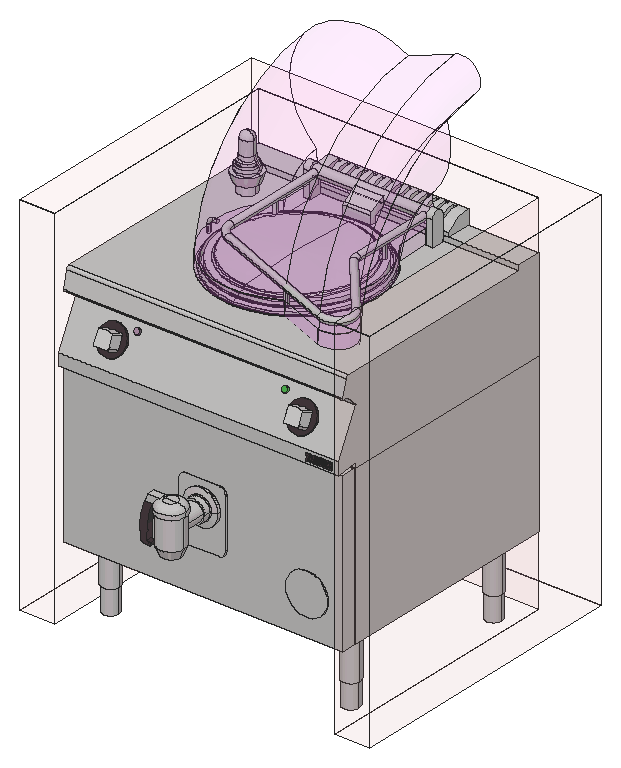
Revit family "QF_ZANUSSI_372271_Z7BSGHDNF0", category Attrezzature speciali, Revit 2020
Family settings
  Quota connettore circolare = Usa diametro
  Tipo di parte = Normale
  Basato su piano di lavoro = No
  Sempre verticale = Sì
  Taglio con vuoti quando caricato = No
  Condiviso = Sì
  Punto di calcolo locali = No
Parameters (values of type "Standard")
  Weight = 209.439 lbm
  Watts = 100 W
  Volts = 230 V
  URL Manufacturer = "http://www.zanussiprofessional.com"
  URL = "http://www.zanussiprofessional.com"
  Steam Supply Size = 0"
  Steam Supply Minimum Pressure = 0.00 psi
  Steam Supply Maximum Pressure = 0.00 psi
  Steam Consumption per Hour = 0
  Show Logo [instance] = yes
  Show Clearance [instance] = yes
  Refrigeration Suction Line Size = 0 mm
  Refrigeration Liquid Line Size = 0 mm
  Refrigerant Compressor Remote = yes
  Prospetto di default = 0 mm
  Produttore = "Zanussi"
  Phase = 1
  Modello = "Z7BSGHDNF0"
  Length Actual = 800 mm  # constant formula
  Item Number = "372271"
  Hot Water Size = 3/4"
  Height Actual = 850 mm  # constant formula
  HP = "0.1 HP"
  Gas Size = 1/2"
  Gas KW = 14
  Gas Input Pressure = 0.462818 Btu/h
  Direct Waste Size = 5 1/2"
  Descrizione = "60 LT GAS DIRECT BOILING PAN"
  Depth Actual = 700 mm  # constant formula
  Cycle = 50 Hz
  Condensate Return Size = 0"
  Compressed Air Volume = 0 GPM
  Compressed Air Size = 0"
  Compressed Air Pressure = 0.00 psi
  Cold Water Size = 3/4"
  Accessory = yes
Reference planes
  plane 1 "BACK": y = 0
  plane 2: z = 0
  plane 3 "LEFT": x = 0
  plane 4 "RIGHT": x = 800
  plane 5 "FRONT": y = -730
  plane 6: z = 850
  plane 7: z = 150
  plane 8: x = -100
  plane 9: x = 900
  plane 10: y = 100
  plane 11: z = 449
  plane 12 "Top": z = 850
  plane 13: y = -365
  plane 14: x = 400
  plane 15: x = 500
  plane 16: z = 995.049
  plane 17: z = 890.905
Forms (mm)
  Extrusion 1, solid, material "QF_Finishes_Clearance", visible <- "Show Clearance"
    sketch origin (0, -80, 0) x (1, 0, 0) y (0, 1, 0)
      loop
        line (-100, -650) -> (0, -650) -> (0, 80) -> (800, 80) -> (800, -650) -> (900, -650) -> (900, 180) -> (-100, 180) -> (-100, -650)
    from 0 to 1055
  Revolve 2, solid, material "QF_Finishes_Door Clearance", visible <- "Show Clearance"
    sketch origin (-999.388, 37.227, 890.905) x (1, 0, 0) y (0, 1, 0)
      loop
        line (1214.388, -112.413) -> (1214.388, -147.2) -> (1233.629, -147.2) -> (1233.629, -242.213)
        arc (1233.629, -242.213) -> (1220.256, -547.115) -> (1521.217, -597.774) r 230.392
        line (1521.217, -597.774) -> (1659.542, -652.393)
        arc (1659.542, -652.393) -> (1719.84, -634.715) -> (1717.523, -571.922) r 51.161
        line (1717.523, -571.922) -> (1623.189, -459.5)
        arc (1623.189, -459.5) -> (1622.299, -343.659) -> (1565.146, -242.895) r 230.392
        line (1565.146, -242.895) -> (1565.146, -147.2) -> (1584.388, -147.2) -> (1584.388, -112.413) -> (1214.388, -112.413)
      axis (1214.388, -112.413) -> (1717.523, -112.413)
    angle from 0 to -85
  Extrusion 3, solid, material "QF_Finishes_Door Clearance", visible <- "Show Clearance"
    sketch origin (0, 42.589, 145) x (1, 0, 0) y (0, 1, 0)
      loop
        line (215, -117.774) -> (215, -152.562) -> (234.241, -152.562) -> (234.241, -247.575)
        arc (234.241, -247.575) -> (220.868, -552.476) -> (521.828, -603.136) r 230.392
        line (521.828, -603.136) -> (660.154, -657.755)
        arc (660.154, -657.755) -> (720.452, -640.077) -> (718.135, -577.284) r 51.161
        line (718.135, -577.284) -> (623.801, -464.862)
        arc (623.801, -464.862) -> (622.911, -349.021) -> (565.758, -248.256) r 230.392
        line (565.758, -248.256) -> (565.758, -152.562) -> (585, -152.562) -> (585, -117.774) -> (215, -117.774)
    from 755 to 795.905
  Extrusion 4, solid, material "QF_Finishes_Stainless Steel"
    sketch origin (28.192, 0, 82.666) x (1, 0, 0) y (0, 0, 1)
      loop
        circle (241.361, 238.63) r 30
    from 699.69 to 700.841
  Extrusion 5, solid, material "QF_Finishes_Stainless Steel"
    sketch origin (455.707, 0, 73.11) x (1, 0, 0) y (0, 0, 1)
      loop
        circle (241.361, 238.63) r 60
    from 699.69 to 700.841
  Extrusion 6, solid, material "QF_Finishes_Stainless Steel"
    sketch origin (0, 0, 50) x (0, 1, 0) y (0, 0, 1)
      loop
        line (0, 601) -> (0, 865) -> (-70, 865) -> (-70, 850) -> (-679.358, 850)
        arc (-679.358, 850) -> (-684.643, 847.811) -> (-686.833, 842.526) r 7.474
        line (-686.833, 842.526) -> (-699.884, 797.011)
        arc (-699.884, 797.011) -> (-699.396, 794.379) -> (-697, 793.184) r 3
        line (-697, 793.184) -> (-686.802, 793.184) -> (-654.982, 761.364) -> (-715, 641.508) -> (-715, 606.508) -> (-658.645, 614.428)
        arc (-658.645, 614.428) -> (-656.101, 613.674) -> (-655, 611.259) r 3.2
        line (-655, 611.259) -> (-655, 601) -> (0, 601)
    from 0 to 800
  Extrusion 7, solid, material "QF_Finishes_Stainless Steel"
    sketch origin (0, 0, 50) x (1, 0, 0) y (0, 1, 0)
      loop
        line (0, 0) -> (0, -655) -> (800, -655) -> (800, 0) -> (0, 0)
    from 150 to 600
  Extrusion 8, solid, material "QF_Finishes_Stainless Steel"
    sketch origin (0, -40, 50) x (0, 1, 0) y (0, 0, 1)
      loop
        line (-660, 601) -> (-660, 150) -> (-620, 150) -> (-620, 601) -> (-660, 601)
    from 0 to 800
  Extrusion 9, solid, material "QF_Finishes_Stainless Steel"
    sketch origin (-1055.159, 259.464, 194.383) x (1, 0, 0) y (0, 1, 0)
      loop
        circle (1102.159, -787.464) r 10
    from -9.383 to 5.617
  Extrusion 10, solid, material "QF_Finishes_Stainless Steel"
    sketch origin (-1055.159, 346.464, 194.383) x (1, 0, 0) y (0, 1, 0)
      loop
        circle (1102.159, -787.464) r 10
    from -9.383 to 5.617
  Extrusion 11, solid, material "QF_Finishes_Stainless Steel"
    sketch origin (-358.159, 333.464, 194.383) x (1, 0, 0) y (0, 1, 0)
      loop
        circle (1102.159, -787.464) r 10
    from -9.383 to 5.617
  Extrusion 12, solid, material "QF_Finishes_Stainless Steel"
    sketch origin (-375.159, 268.464, 194.383) x (1, 0, 0) y (0, 1, 0)
      loop
        circle (1102.159, -787.464) r 10
    from -9.383 to 5.617
Lines and regions (mm)
  reference lines
    curve 1: line (734, 0, 0) -> (754, 0, 0)
  model lines
    curve 2: line (0, -700, 200) -> (0, -660, 200)
Dimensions and locks
  plane 4 "RIGHT" to plane 3 "LEFT" = 800 mm
  plane 6 to level = 850 mm
  plane 3 "LEFT" to plane 4 "RIGHT" = 800 mm
  plane 5 "FRONT" to plane 1 "BACK" = 730 mm
  plane 8 to plane 3 "LEFT" = 100 mm
  plane 4 "RIGHT" to plane 9 = 100 mm
  plane 10 to plane 1 "BACK" = 100 mm
  equal spacing: plane 3 "LEFT", plane 14, plane 4 "RIGHT"
  equal spacing: plane 5 "FRONT", plane 13, plane 1 "BACK"
  plane 15 to plane 3 "LEFT" = 500 mm
  Extrusion 6 to level = 900 mm
  aligned and locked: level to plane 2
  aligned and locked: plane 5 "FRONT" to Extrusion 1  (x2)
  aligned and locked: Extrusion 1 to plane 4 "RIGHT"
  aligned and locked: plane 3 "LEFT" to Extrusion 1
  aligned and locked: plane 8 to Extrusion 1
  aligned and locked: plane 9 to Extrusion 1
  aligned and locked: plane 10 to Extrusion 1
  aligned and locked: plane 1 "BACK" to Extrusion 1
Automatic sketch dimensions
  curve 2 to plane 5 "FRONT" = 30 mm
  plane 7 to curve 2 = 50 mm
  curve 2 to curve 2 = 40 mm
  plane 5 "FRONT" to Extrusion 1 sketch curve = 0 mm  (x2)
  Extrusion 1 sketch curve to plane 8 = 0 mm
  Extrusion 1 sketch curve to plane 3 "LEFT" = 0 mm
  plane 1 "BACK" to Extrusion 1 sketch curve = 0 mm
  Extrusion 1 sketch curve to plane 4 "RIGHT" = 0 mm
  Extrusion 1 sketch curve to plane 9 = 0 mm
  Extrusion 1 sketch curve to plane 10 = 0 mm
  Revolve 2 sketch curve to plane 13 = 0 mm
  Revolve 2 sketch curve to plane 14 = 0 mm
  Revolve 2 sketch curve to plane 14 = 165.759 mm
  Revolve 2 sketch curve to Revolve 2 sketch curve = 19.241 mm
  plane 14 to Revolve 2 sketch curve = 0.37 mm
  Revolve 2 sketch curve to plane 15 = 21.828 mm
  Revolve 2 sketch curve to plane 15 = 65.758 mm
  Revolve 2 sketch curve to Revolve 2 sketch curve = 19.242 mm
  Revolve 2 sketch curve to plane 13 = 57.273 mm
  Revolve 2 sketch curve to plane 15 = 123.801 mm
  Revolve 2 sketch curve to plane 4 "RIGHT" = 139.846 mm
  Revolve 2 sketch curve to Revolve 2 sketch curve = 18.79 mm
  Revolve 2 sketch curve to Revolve 2 sketch curve = 39.191 mm
  Revolve 2 sketch curve to Revolve 2 sketch curve = 112.422 mm
  Revolve 2 sketch curve to plane 5 "FRONT" = 169.453 mm
  Revolve 2 sketch curve to Revolve 2 sketch curve = 32.885 mm
  Revolve 2 sketch curve to plane 13 = 1.065 mm
  Revolve 2 sketch curve to Revolve 2 sketch curve = 95.694 mm
  Revolve 2 sketch curve to Revolve 2 sketch curve = 95.013 mm
  Revolve 2 sketch curve to Revolve 2 sketch curve = 34.788 mm  (x2)
  Revolve 2 sketch curve to Revolve 2 sketch curve = 63.573 mm
  plane 15 to Revolve 2 sketch curve = 32.187 mm
  plane 1 "BACK" to curve 1 = 0 mm
  curve 1 to plane 4 "RIGHT" = 66 mm
  curve 1 to curve 1 = 20 mm
  Extrusion 3 sketch curve to plane 13 = 0 mm
  Extrusion 3 sketch curve to plane 14 = 0 mm
  Extrusion 3 sketch curve to plane 14 = 165.759 mm
  Extrusion 3 sketch curve to Extrusion 3 sketch curve = 19.241 mm
  plane 14 to Extrusion 3 sketch curve = 0.37 mm
  Extrusion 3 sketch curve to plane 15 = 21.828 mm
  Extrusion 3 sketch curve to plane 15 = 65.758 mm
  Extrusion 3 sketch curve to Extrusion 3 sketch curve = 19.242 mm
  Extrusion 3 sketch curve to plane 13 = 57.273 mm
  Extrusion 3 sketch curve to plane 15 = 123.801 mm
  Extrusion 3 sketch curve to plane 4 "RIGHT" = 139.846 mm
  Extrusion 3 sketch curve to Extrusion 3 sketch curve = 18.79 mm
  Extrusion 3 sketch curve to Extrusion 3 sketch curve = 39.191 mm
  Extrusion 3 sketch curve to Extrusion 3 sketch curve = 112.422 mm
  Extrusion 3 sketch curve to plane 5 "FRONT" = 169.453 mm
  Extrusion 3 sketch curve to Extrusion 3 sketch curve = 32.885 mm
  Extrusion 3 sketch curve to plane 13 = 1.065 mm
  Extrusion 3 sketch curve to Extrusion 3 sketch curve = 95.694 mm
  Extrusion 3 sketch curve to Extrusion 3 sketch curve = 95.013 mm
  Extrusion 3 sketch curve to Extrusion 3 sketch curve = 34.788 mm
  Extrusion 4 sketch curve to plane 14 = 130.446 mm
  plane 11 to Extrusion 4 sketch curve = 127.704 mm
  Extrusion 5 sketch curve to plane 4 "RIGHT" = 102.932 mm
  plane 11 to Extrusion 5 sketch curve = 137.26 mm
  Extrusion 6 sketch curve to plane 1 "BACK" = 0 mm
  plane 17 to Extrusion 6 sketch curve = 24.095 mm
  plane 1 "BACK" to Extrusion 6 sketch curve = 70 mm
  Extrusion 6 sketch curve to plane 5 "FRONT" = 75.018 mm
  Extrusion 6 sketch curve to plane 5 "FRONT" = 75 mm
  Extrusion 6 sketch curve to Extrusion 6 sketch curve = 3.2 mm
  Extrusion 6 sketch curve to Extrusion 6 sketch curve = 0.445 mm
  plane 17 to Extrusion 6 sketch curve = 1.621 mm
  Extrusion 6 sketch curve to plane 5 "FRONT" = 50.642 mm
  Extrusion 6 sketch curve to plane 6 = 6.816 mm
  Extrusion 6 sketch curve to plane 5 "FRONT" = 43.198 mm
  Extrusion 6 sketch curve to Extrusion 6 sketch curve = 7.474 mm
  Extrusion 6 sketch curve to plane 6 = 3.816 mm
  Extrusion 6 sketch curve to Extrusion 6 sketch curve = 10.198 mm
  Extrusion 6 sketch curve to plane 6 = 2.989 mm
  Extrusion 6 sketch curve to plane 5 "FRONT" = 15 mm
  Extrusion 6 sketch curve to plane 6 = 38.636 mm
  Extrusion 6 sketch curve to Extrusion 6 sketch curve = 119.856 mm
  Extrusion 6 sketch curve to Extrusion 6 sketch curve = 27.08 mm
  Extrusion 6 sketch curve to Extrusion 6 sketch curve = 35 mm
  Extrusion 6 sketch curve to Extrusion 6 sketch curve = 10.259 mm
  Extrusion 7 sketch curve to plane 3 "LEFT" = 0 mm
  Extrusion 7 sketch curve to plane 4 "RIGHT" = 0 mm
  plane 1 "BACK" to Extrusion 7 sketch curve = 0 mm
  Extrusion 7 sketch curve to plane 5 "FRONT" = 75 mm
  Extrusion 8 sketch curve to plane 5 "FRONT" = 30 mm
  Extrusion 8 sketch curve to Extrusion 8 sketch curve = 40 mm
  plane 7 to Extrusion 8 sketch curve = 50 mm
  Extrusion 8 sketch curve to plane 6 = 199 mm
  plane 3 "LEFT" to Extrusion 9 sketch curve = 47 mm
  Extrusion 9 sketch curve to plane 13 = 163 mm
  plane 3 "LEFT" to Extrusion 10 sketch curve = 47 mm
  Extrusion 10 sketch curve to plane 13 = 76 mm
  Extrusion 11 sketch curve to plane 4 "RIGHT" = 56 mm
  Extrusion 11 sketch curve to plane 13 = 89 mm
  Extrusion 12 sketch curve to plane 4 "RIGHT" = 73 mm
  Extrusion 12 sketch curve to plane 13 = 154 mm
  radius of Extrusion 4 sketch curve = 30 mm
  radius of Extrusion 5 sketch curve = 60 mm
  radius of Extrusion 9 sketch curve = 10 mm
  radius of Extrusion 10 sketch curve = 10 mm
  radius of Extrusion 11 sketch curve = 10 mm
  radius of Extrusion 12 sketch curve = 10 mm
Nested families
  nested 1: "CHIUSURA_EBOLLITORE_MANIGLIA_420" at (400, -364.434, 900), type "CHIUSURA_EBOLLITORE_MANIGLIA_420"
  nested 2: "Valvola_Sicurezza_Pressione_VERSIONE LARGA" at (99.001, -165.726, 900) x (0, -1, 0) z (0, 0, 1), type "Valvola_Sicurezza_Pressione_VERSIONE LARGA"
  nested 3: "Uscita_Fumi" at (400, -34.925, 915), type "Uscita_Fumi"
  nested 4: "CONTROLLER_XP-ZAN" at (178.223, -683.163, 755.086) x (1, 0, 0) z (0, -0.8942, 0.4478), type "CONTROLLER_XP-ZAN"
  nested 5: "CONTROLLER_XP-ZAN" at (723.911, -685.675, 750.07) x (1, 0, 0) z (0, -0.8942, 0.4478), type "CONTROLLER_XP-ZAN"
  nested 6: "SPIA_RED" at (188.474, -668.991, 791.498) x (1, 0, 0) z (0, -0.9021, 0.4315), type "SPIA_RED"
  nested 7: "SPIA_GREEN" at (611.526, -668.991, 791.498) x (-1, 0, 0) z (0, -0.9021, 0.4315), type "SPIA_GREEN"
  nested 8: "ZANUSSI_Logo" at (748.892, -715, 722.809) x (1, 0, 0) z (0, -1, 0), Show Logo <- "Show Logo", visible <- "Show Logo", type "ZANUSSI_Logo"
    with Show Logo yes
  nested 9: "bocchettone_scarico_SX_ebollitori" at (400, -699.69, 411.296) x (1, 0, 0) z (0, -1, 0), type "bocchettone_scarico_SX_ebollitori"
    with Body Finish QF_Finishes_Stainless Steel
  nested 10: "Piedino 50xH200_par" at (56, -601, 0), type "Piedino 50xH200_par"
    with H 200 mm
  nested 11: "Piedino 50xH200_par" at (56, -91, 0), type "Piedino 50xH200_par"
    with H 200 mm
  nested 12: "Piedino 50xH200_par" at (744, -91, 0), type "Piedino 50xH200_par"
    with H 200 mm
  nested 13: "Piedino 50xH200_par" at (744, -601, 0), type "Piedino 50xH200_par"
    with H 200 mm
Connectors
  piping at (744, -454, 185), diameter 12.7, driven by "Gas Size"
    settings: on Extrusion 11, index 7, connector inside diameter 24", connector length 0 mm, flow factor 0, pipe flow 0 GPM, pressure drop 0.00 psi, fitting loss kfactor 0, connector angle 0.00°, fixture units 0, engagement length 0 mm, angle of deflection 0.00°, flow configuration 0, flow direction 0, fitting loss method 0, system type 29, joint type 0, gender type 0, connector reference index -1, connector utility 0, adjustable connector no, is connector primary yes, connector description "Gas Connection"
  electrical at (727, -519, 185), driven by "Volts"
    settings: on Extrusion 12, index 8, voltage 230 V, apparent load 0 VA, apparent load phase1 0 VA, apparent load phase2 0 VA, apparent load phase3 0 VA, power factor 1, load classification "Altro", number of poles 1, system type 30, power factor state 1, is connector primary yes, connector utility no, sub classification motor no, connector description "Electrical Connection"
  piping at (47, -528, 185), diameter 19.05, driven by "Cold Water Size"
    settings: on Extrusion 9, index 9, connector inside diameter 24", connector length 0 mm, flow factor 0, pipe flow 0 GPM, pressure drop 0.00 psi, fitting loss kfactor 0, connector angle 0.00°, fixture units 0, engagement length 0 mm, angle of deflection 0.00°, flow configuration 0, flow direction 0, fitting loss method 0, system type 29, joint type 0, gender type 0, connector reference index -1, connector utility 0, adjustable connector no, is connector primary no, connector description "Cold Water Inlet"
  piping at (47, -441, 185), diameter 19.05, driven by "Hot Water Size"
    settings: on Extrusion 10, index 10, connector inside diameter 24", connector length 0 mm, flow factor 0, pipe flow 0 GPM, pressure drop 0.00 psi, fitting loss kfactor 0, connector angle 0.00°, fixture units 0, engagement length 0 mm, angle of deflection 0.00°, flow configuration 0, flow direction 0, fitting loss method 0, system type 29, joint type 0, gender type 0, connector reference index -1, connector utility 0, adjustable connector no, is connector primary no, connector description "Hot Water Inlet"
Definition of nested family "CHIUSURA_EBOLLITORE_MANIGLIA_420"
  Parameters (values of type "CHIUSURA_EBOLLITORE_MANIGLIA_420")
    Default Elevation = 1219.2 mm
  Reference planes
    plane 1 "Centro (Fronte/Retro)": y = 0
    plane 2: z = 0
    plane 3 "Centro (Sinistra/Destra)": x = 0
  Forms (mm)
    Extrusion 1, solid
      sketch origin (0, 0, 0) x (1, 0, 0) y (0, 1, 0)
        loop
          line (-1219.2, 1219.2) -> (-1219.2, -1219.2) -> (1219.2, -1219.2) -> (1219.2, 1219.2) -> (-1219.2, 1219.2)
      from 0 to -304.8
    Sweep 2, solid
      path origin (-400, 374.738, -849.313) x (1, 0, 0) y (0, 1, 0)
        loop
          line (243.743, -103.594) -> (243.743, -417.5)
          arc (243.743, -417.5) -> (252.432, -445.667) -> (275.478, -464.045) r 50
          line (275.478, -464.045) -> (663.94, -616.483)
          arc (663.94, -616.483) -> (712.787, -602.077) -> (710.882, -551.185) r 41.493
          line (710.882, -551.185) -> (563.79, -375.888)
          arc (563.79, -375.888) -> (558.199, -366.203) -> (556.257, -355.19) r 32.201
          line (556.257, -355.19) -> (556.257, -103.594)
      profile origin (-156.257, 114.191, -849.313) x (1, 0, 0) y (0, 0, 1)
        loop
          circle (0, 918.759) r 9.525
    Revolve 3, solid
      sketch origin (0, 355.988, -849.313) x (0, 1, 0) y (0, 0, 1)
        loop
          line (-355.988, 849.313) -> (-355.988, 890.138)
          arc (-355.988, 890.138) -> (-448.202, 888.071) -> (-540.231, 881.875) r 2058.307
          arc (-540.231, 881.875) -> (-541.6, 881.506) -> (-542.761, 880.692) r 4.095
          line (-542.761, 880.692) -> (-546.613, 876.84) -> (-546.613, 873.469) -> (-564.694, 873.469) -> (-564.694, 853.437) -> (-572.776, 853.437) -> (-572.776, 867.549) -> (-576.075, 867.549) -> (-576.075, 865.745) -> (-580.988, 857.235) -> (-580.988, 851.51) -> (-585.988, 851.51) -> (-585.988, 849.313) -> (-355.988, 849.313)
        axis (-355.988, 849.313) -> (-355.988, 890.138)
      angle from 0 to 360
    Extrusion 4, solid
      sketch origin (-400, 374.738, -849.313) x (1, 0, 0) y (0, 1, 0)
        loop
          circle (516.64, -559.183) r 5
        loop
          circle (611.532, -432.835) r 5
        loop
          circle (556.239, -256.89) r 5
        loop
          circle (243.739, -256.89) r 5
      from 873.469 to 917.509
    Extrusion 5, solid
      sketch origin (-400, 375.449, -857.666) x (0, 1, 0) y (0, 0, 1)
        loop
          circle (-103.594, 927.13) r 15
      from 215 to 585
    Extrusion 6, solid
      sketch origin (-400, 376.074, -857.666) x (0, 1, 0) y (0, 0, 1)
        loop
          line (-161.825, 881.823) -> (-147.722, 881.823) -> (-147.722, 896.159)
          arc (-147.722, 896.159) -> (-146.818, 899.027) -> (-144.432, 900.857) r 5
          line (-144.432, 900.857) -> (-110.128, 913.343)
          arc (-110.128, 913.343) -> (-118.811, 923.657) -> (-115.705, 936.776) r 15
          line (-115.705, 936.776) -> (-157.703, 913.496)
          arc (-157.703, 913.496) -> (-160.718, 910.56) -> (-161.825, 906.499) r 8
          line (-161.825, 906.499) -> (-161.825, 881.823)
      from 361.051 to 438.949
    Extrusion 7, solid
      sketch origin (326.071, 375.449, -856.416) x (0, 1, 0) y (0, 0, -1)
        loop
          line (-86.2, -856.416) -> (-120.988, -856.416) -> (-120.988, -927.861)
          arc (-120.988, -927.861) -> (-103.594, -945.255) -> (-86.2, -927.861) r 17.394
          line (-86.2, -927.861) -> (-86.2, -856.416)
      from 492.722 to 511.071
    Sweep 8, solid
      path origin (25, 0, 0) x (1, 0, 0) y (0, 0, 1)
        loop
          line (-276.49, 0) -> (-276.49, 22.015)
          arc (-276.49, 22.015) -> (-272.687, 31.197) -> (-263.505, 35) r 12.985
          line (-263.505, 35) -> (-251.49, 35)
      profile origin (-251.49, 0, 11.007) x (-1, 0, 0) y (0, -1, 0)
        loop
          circle (0, 0) r 4
    Sweep 9, void
      path origin (25, 0.021, -0.007) x (1, 0, 0) y (0, 0, 1)
        loop
          line (-276.49, 0) -> (-276.49, 22.015)
          arc (-276.49, 22.015) -> (-272.687, 31.197) -> (-263.505, 35) r 12.985
          line (-263.505, 35) -> (-251.49, 35)
      profile origin (-251.49, 0.021, 11) x (-1, 0, 0) y (0, -1, 0)
        loop
          circle (0, 0) r 3
    Extrusion 10, solid
      sketch origin (-326.071, 375.449, -856.416) x (0, 1, 0) y (0, 0, 1)
        loop
          line (-86.2, 856.416) -> (-86.2, 927.861)
          arc (-86.2, 927.861) -> (-103.594, 945.255) -> (-120.988, 927.861) r 17.394
          line (-120.988, 927.861) -> (-120.988, 856.416) -> (-86.2, 856.416)
      from 492.722 to 511.071
  Cuts and joins
    Sweep 9 cuts Sweep 8
    joined: Sweep 2, Extrusion 5, Extrusion 7, Extrusion 10
  Dimensions and locks
    aligned and locked: plane 2 to Extrusion 1
    aligned and locked: level to Extrusion 1
Definition of nested family "Valvola_Sicurezza_Pressione_VERSIONE LARGA"
  Parameters (values of type "Valvola_Sicurezza_Pressione_VERSIONE LARGA")
    Default Elevation = 1219.2 mm
  Reference planes
    plane 1 "Centro (Fronte/Retro)": y = 0
    plane 2: z = 0
    plane 3 "Centro (Sinistra/Destra)": x = 0
  Forms (mm)
    Extrusion 1, solid
      sketch origin (0, 0, 0) x (1, 0, 0) y (0, 1, 0)
        loop
          line (-1219.2, 1219.2) -> (-1219.2, -1219.2) -> (1219.2, -1219.2) -> (1219.2, 1219.2) -> (-1219.2, 1219.2)
      from 0 to -304.8
    Revolve 2, solid
      sketch origin (0, 127, -850) x (0, 1, 0) y (0, 0, 1)
        loop
          line (-127, 850) -> (-127, 1005.049)
          arc (-127, 1005.049) -> (-139.857, 999.724) -> (-145.183, 986.867) r 18.183
          line (-145.183, 986.867) -> (-145.183, 946.198) -> (-147.515, 946.198) -> (-147.515, 935.501) -> (-152, 931.015) -> (-152, 924.56) -> (-157, 924.56) -> (-157, 919.56) -> (-160.008, 919.56) -> (-160.008, 911.432) -> (-157, 911.432) -> (-157, 902.923) -> (-168.345, 902.923) -> (-160.305, 877.208) -> (-152, 875.138) -> (-152, 850) -> (-127, 850)
        axis (-127, 850) -> (-127, 1005.049)
      angle from 0 to 360
  Dimensions and locks
    aligned and locked: plane 2 to Extrusion 1
    aligned and locked: level to Extrusion 1
Definition of nested family "Uscita_Fumi"
  Parameters (values of type "Uscita_Fumi")
    Default Elevation = 1219.2 mm
  Reference planes
    plane 1 "Centro (Fronte/Retro)": y = 0
    plane 2: z = 0
    plane 3 "Centro (Sinistra/Destra)": x = 0
  Forms (mm)
    Extrusion 1, solid
      sketch origin (0, 0, 0) x (1, 0, 0) y (0, 1, 0)
        loop
          line (-1219.2, 1219.2) -> (-1219.2, -1219.2) -> (1219.2, -1219.2) -> (1219.2, 1219.2) -> (-1219.2, 1219.2)
      from 0 to -304.8
    Extrusion 2, solid
      sketch origin (-200, 34.925, -289.638) x (0, 1, 0) y (0, 0, 1)
        loop
          line (0, 289.638) -> (0, 331.738)
          arc (0, 331.738) -> (-38.857, 324.552) -> (-69.85, 300.038) r 82.056
          line (-69.85, 300.038) -> (-69.85, 289.638) -> (0, 289.638)
      from 0 to 400
    Extrusion 3, void
      sketch origin (-200, 34.925, -15) x (0, -1, 0) y (1, 0, 0)
        loop
          line (6.761, 29.703) -> (63.911, 29.703) -> (63.911, 38.999) -> (6.761, 38.999) -> (6.761, 29.703)
        loop
          line (63.911, 64.487) -> (6.761, 64.487) -> (6.761, 55.191) -> (63.911, 55.191) -> (63.911, 64.487)
        loop
          line (63.911, 89.975) -> (6.761, 89.975) -> (6.761, 80.68) -> (63.911, 80.68) -> (63.911, 89.975)
        loop
          line (63.911, 115.464) -> (6.761, 115.464) -> (6.761, 106.168) -> (63.911, 106.168) -> (63.911, 115.464)
        loop
          line (63.911, 140.952) -> (6.761, 140.952) -> (6.761, 131.656) -> (63.911, 131.656) -> (63.911, 140.952)
        loop
          line (63.911, 166.44) -> (6.761, 166.44) -> (6.761, 157.145) -> (63.911, 157.145) -> (63.911, 166.44)
        loop
          line (63.911, 191.929) -> (6.761, 191.929) -> (6.761, 182.633) -> (63.911, 182.633) -> (63.911, 191.929)
        loop
          line (63.911, 217.417) -> (6.761, 217.417) -> (6.761, 208.121) -> (63.911, 208.121) -> (63.911, 217.417)
        loop
          line (63.911, 242.905) -> (6.761, 242.905) -> (6.761, 233.61) -> (63.911, 233.61) -> (63.911, 242.905)
        loop
          line (63.911, 268.394) -> (6.761, 268.394) -> (6.761, 259.098) -> (63.911, 259.098) -> (63.911, 268.394)
        loop
          line (63.911, 293.882) -> (6.761, 293.882) -> (6.761, 284.586) -> (63.911, 284.586) -> (63.911, 293.882)
        loop
          line (63.911, 319.37) -> (6.761, 319.37) -> (6.761, 310.075) -> (63.911, 310.075) -> (63.911, 319.37)
        loop
          line (63.911, 344.859) -> (6.761, 344.859) -> (6.761, 335.563) -> (63.911, 335.563) -> (63.911, 344.859)
        loop
          line (63.911, 370.347) -> (6.761, 370.347) -> (6.761, 361.051) -> (63.911, 361.051) -> (63.911, 370.347)
      from 25.4 to 63.5
  Cuts and joins
    Extrusion 3 cuts Extrusion 2
  Dimensions and locks
    aligned and locked: plane 2 to Extrusion 1
    aligned and locked: level to Extrusion 1
Definition of nested family "CONTROLLER_XP-ZAN"
  Parameters (values of type "CONTROLLER_XP-ZAN")
    Default Elevation = 0 mm
  Reference planes
    plane 1 "Centro (Fronte/Retro)": y = 0
    plane 2: z = 0
    plane 3 "Centro (Sinistra/Destra)": x = 0
    plane 4: x = -51.067
    plane 5: x = 51.067
    plane 6: x = 93.481
    plane 7: x = -93.481
  Forms (mm)
    Extrusion 1, solid
      sketch origin (0, 0, 0) x (1, 0, 0) y (0, 1, 0)
        loop
          line (-1219.2, 1219.2) -> (-1219.2, -1219.2) -> (1219.2, -1219.2) -> (1219.2, 1219.2) -> (-1219.2, 1219.2)
      from 0 to -304.8
    Extrusion 2, solid
      sketch origin (-46.381, -48.923, 0) x (1, 0, 0) y (0, 1, 0)
        loop
          circle (-4.687, 48.923) r 42.414
      from 0 to 3.175
    Blend 3, solid
      base sketch origin (-46.381, -48.923, 3.175) x (1, 0, 0) y (0, 1, 0)
        loop
          line (-23.687, 25.923) -> (14.313, 25.923)
          arc (14.313, 25.923) -> (17.142, 27.095) -> (18.313, 29.923) r 4
          line (18.313, 29.923) -> (18.313, 66.519)
          arc (18.313, 66.519) -> (17.342, 69.132) -> (14.901, 70.476) r 4
          arc (14.901, 70.476) -> (-4.687, 71.923) -> (-24.275, 70.476) r 133.25
          arc (-24.275, 70.476) -> (-26.716, 69.132) -> (-27.687, 66.519) r 4
          line (-27.687, 66.519) -> (-27.687, 29.923)
          arc (-27.687, 29.923) -> (-26.515, 27.095) -> (-23.687, 25.923) r 4
      top sketch origin (-46.381, -48.923, 3.175) x (1, 0, 0) y (0, 1, 0)
        loop
          line (-25.687, 66.519) -> (-25.687, 29.923)
          arc (-25.687, 29.923) -> (-25.101, 28.509) -> (-23.687, 27.923) r 2
          line (-23.687, 27.923) -> (14.313, 27.923)
          arc (14.313, 27.923) -> (15.727, 28.509) -> (16.313, 29.923) r 2
          line (16.313, 29.923) -> (16.313, 66.519)
          arc (16.313, 66.519) -> (15.828, 67.825) -> (14.607, 68.498) r 2
          arc (14.607, 68.498) -> (-4.687, 69.923) -> (-23.981, 68.498) r 131.25
          arc (-23.981, 68.498) -> (-25.201, 67.825) -> (-25.687, 66.519) r 2
      from 0 to 33
  Lines and regions (mm)
    Split face 1
      outline origin (-46.381, -48.923, 36.175) x (1, 0, 0) y (0, 1, 0)
        loop
          line (-6.687, 69.908) -> (-6.687, 62.923) -> (-2.687, 62.923) -> (-2.687, 69.908)
  Dimensions and locks
    aligned and locked: plane 2 to Extrusion 1
    aligned and locked: level to Extrusion 1
Definition of nested family "SPIA_RED"
  Parameters
    Default Elevation = 1219.2 mm
  Reference planes
    plane 1 "Centro (Fronte/Retro)": y = 0
    plane 2: z = 0
    plane 3 "Centro (Sinistra/Destra)": x = 0
  Forms (mm)
    Extrusion 1, solid
      sketch origin (0, 0, 0) x (1, 0, 0) y (0, 1, 0)
        loop
          line (-1219.2, 1219.2) -> (-1219.2, -1219.2) -> (1219.2, -1219.2) -> (1219.2, 1219.2) -> (-1219.2, 1219.2)
      from 0 to -304.8
    Extrusion 2, solid
      sketch origin (-367.513, 69.533, 3.175) x (-1, 0, 0) y (0, 1, 0)
        loop
          circle (-367.513, -69.533) r 8
      from 0 to 3.175
  Dimensions and locks
    aligned and locked: plane 2 to Extrusion 1
    aligned and locked: level to Extrusion 1
Definition of nested family "SPIA_GREEN"
  Parameters
    Default Elevation = 1219.2 mm
  Reference planes
    plane 1 "Centro (Fronte/Retro)": y = 0
    plane 2: z = 0
    plane 3 "Centro (Sinistra/Destra)": x = 0
  Forms (mm)
    Extrusion 1, solid
      sketch origin (0, 0, 0) x (1, 0, 0) y (0, 1, 0)
        loop
          line (-1219.2, 1219.2) -> (-1219.2, -1219.2) -> (1219.2, -1219.2) -> (1219.2, 1219.2) -> (-1219.2, 1219.2)
      from 0 to -304.8
    Extrusion 2, solid
      sketch origin (-367.513, 69.533, 3.175) x (-1, 0, 0) y (0, 1, 0)
        loop
          circle (-367.513, -69.533) r 8
      from 0 to 3.175
  Dimensions and locks
    aligned and locked: plane 2 to Extrusion 1
    aligned and locked: level to Extrusion 1
Definition of nested family "ZANUSSI_Logo"
  Parameters (values of type "ZANUSSI_Logo")
    Show Logo [instance] = yes
    Default Elevation = 1219.2 mm
  Reference planes
    plane 1 "Center (Front/Back)": y = -49
    plane 2: z = 0
    plane 3 "Center (Left/Right)": x = -9.92
  Forms (mm)
    Extrusion 1, solid
      sketch origin (0, 0, 0) x (1, 0, 0) y (0, 1, 0)
        loop
          line (-1219.2, 1219.2) -> (-1219.2, -1219.2) -> (1219.2, -1219.2) -> (1219.2, 1219.2) -> (-1219.2, 1219.2)
      from 0 to -304.8
    Extrusion 2, solid, visible <- "Show Logo"
      sketch origin (106.353, -215.165, -50) x (1, 0, 0) y (0, 1, 0)
        loop
          line (-137.419, 156.48) -> (-137.419, 160.444) -> (-143.365, 160.444) -> (-137.419, 172.566) -> (-137.419, 175.851) -> (-147.274, 175.851) -> (-147.274, 172.226) -> (-142.063, 172.339) -> (-147.728, 160.444) -> (-147.728, 156.48) -> (-137.419, 156.48)
        loop
          line (-131.729, 163.73) -> (-129.463, 163.73) -> (-130.596, 172.54) -> (-131.729, 163.73)
        loop
          line (-132.748, 156.48) -> (-132.182, 160.218) -> (-128.897, 160.218) -> (-128.33, 156.48) -> (-124.252, 156.48) -> (-127.877, 175.851) -> (-133.315, 175.851) -> (-136.826, 156.48) -> (-132.748, 156.48)
        loop
          line (-123.75, 175.851) -> (-123.75, 156.48) -> (-120.238, 156.48) -> (-120.238, 169.281) -> (-116.953, 156.48) -> (-112.648, 156.48) -> (-112.648, 175.851) -> (-116.273, 175.851) -> (-116.273, 163.503) -> (-119.558, 175.851) -> (-123.75, 175.851)
        loop
          arc (-111.742, 161.27) -> (-106.896, 156.448) -> (-101.433, 160.558) r 5.22
          line (-101.433, 160.558) -> (-101.433, 175.851) -> (-105.398, 175.851) -> (-105.398, 161.464)
          arc (-105.398, 161.464) -> (-106.44, 160.263) -> (-107.777, 161.124) r 1.214
          line (-107.777, 161.124) -> (-107.777, 175.851) -> (-111.742, 175.851) -> (-111.742, 161.27)
        loop
          line (-94.069, 169.734) -> (-90.331, 169.734) -> (-90.269, 171.495)
          arc (-90.269, 171.495) -> (-90.53, 173.458) -> (-91.761, 175.009) r 3.719
          arc (-91.761, 175.009) -> (-95.38, 176.189) -> (-98.998, 175.009) r 6.139
          arc (-98.998, 175.009) -> (-100.474, 172.145) -> (-100.291, 168.927) r 6.125
          arc (-100.291, 168.927) -> (-99.079, 167.149) -> (-97.591, 165.594) r 13.068
          line (-97.591, 165.594) -> (-95.921, 164.113)
          arc (-95.921, 164.113) -> (-94.934, 163.275) -> (-94.167, 162.233) r 5.571
          arc (-94.167, 162.233) -> (-94.357, 160.41) -> (-96.143, 160.003) r 1.573
          arc (-96.143, 160.003) -> (-96.681, 160.547) -> (-96.911, 161.277) r 1.631
          arc (-96.911, 161.277) -> (-96.929, 161.791) -> (-96.911, 162.305) r 7.441
          arc (-96.911, 162.305) -> (-96.895, 162.791) -> (-96.911, 163.277) r 7.03
          line (-96.911, 163.277) -> (-100.866, 163.277)
          arc (-100.866, 163.277) -> (-100.828, 160.504) -> (-99.735, 157.955) r 7.131
          arc (-99.735, 157.955) -> (-94.571, 156.484) -> (-90.221, 159.633) r 6.148
          arc (-90.221, 159.633) -> (-90.141, 162.884) -> (-91.536, 165.823) r 7.021
          line (-91.536, 165.823) -> (-95.882, 169.734)
          arc (-95.882, 169.734) -> (-96.47, 170.472) -> (-96.785, 171.362) r 2.858
          arc (-96.785, 171.362) -> (-95.666, 172.959) -> (-94.069, 171.84) r 1.379
          line (-94.069, 171.84) -> (-94.069, 169.734)
        loop
          line (-82.771, 169.734) -> (-79.033, 169.734) -> (-78.971, 171.495)
          arc (-78.971, 171.495) -> (-79.232, 173.458) -> (-80.463, 175.009) r 3.719
          arc (-80.463, 175.009) -> (-84.081, 176.189) -> (-87.7, 175.009) r 6.139
          arc (-87.7, 175.009) -> (-89.175, 172.145) -> (-88.993, 168.927) r 6.125
          arc (-88.993, 168.927) -> (-87.781, 167.149) -> (-86.293, 165.594) r 13.068
          line (-86.293, 165.594) -> (-84.623, 164.113)
          arc (-84.623, 164.113) -> (-83.636, 163.275) -> (-82.869, 162.233) r 5.571
          arc (-82.869, 162.233) -> (-83.059, 160.41) -> (-84.845, 160.003) r 1.573
          arc (-84.845, 160.003) -> (-85.383, 160.547) -> (-85.613, 161.277) r 1.631
          arc (-85.613, 161.277) -> (-85.631, 161.791) -> (-85.613, 162.305) r 7.441
          arc (-85.613, 162.305) -> (-85.596, 162.791) -> (-85.613, 163.277) r 7.03
          line (-85.613, 163.277) -> (-89.568, 163.277)
          arc (-89.568, 163.277) -> (-89.53, 160.504) -> (-88.437, 157.955) r 7.131
          arc (-88.437, 157.955) -> (-83.272, 156.484) -> (-78.922, 159.633) r 6.148
          arc (-78.922, 159.633) -> (-78.843, 162.884) -> (-80.238, 165.823) r 7.021
          line (-80.238, 165.823) -> (-84.584, 169.734)
          arc (-84.584, 169.734) -> (-85.171, 170.472) -> (-85.486, 171.362) r 2.858
          arc (-85.486, 171.362) -> (-84.368, 172.959) -> (-82.771, 171.84) r 1.379
          line (-82.771, 171.84) -> (-82.771, 169.734)
        loop
          line (-78.21, 175.851) -> (-78.21, 156.48) -> (-74.245, 156.48) -> (-74.245, 175.851) -> (-78.21, 175.851)
      from 50 to 51.6
  Dimensions and locks
    aligned and locked: plane 2 to Extrusion 1
    aligned and locked: level to Extrusion 1
Definition of nested family "bocchettone_scarico_SX_ebollitori"
  Parameters
    Default Elevation = 1219.2 mm
    Body Finish [instance] = none
  Reference planes
    plane 1 "Centro (Fronte/Retro)": y = 0
    plane 2: z = 0
    plane 3 "Centro (Sinistra/Destra)": x = 0
  Forms (mm)
    Extrusion 1, solid
      sketch origin (0, 0, 0) x (1, 0, 0) y (0, 1, 0)
        loop
          line (-1219.2, 1219.2) -> (-1219.2, -1219.2) -> (1219.2, -1219.2) -> (1219.2, 1219.2) -> (-1219.2, 1219.2)
      from 0 to -304.8
    Extrusion 2, solid
      sketch origin (-400, 240.774, 0) x (0, 1, 0) y (-1, 0, 0)
        loop
          arc (-150.774, -353.125) -> (-156.632, -338.983) -> (-170.774, -333.125) r 20
          line (-170.774, -333.125) -> (-310.774, -333.125)
          arc (-310.774, -333.125) -> (-324.916, -338.983) -> (-330.774, -353.125) r 20
          line (-330.774, -353.125) -> (-330.774, -446.875)
          arc (-330.774, -446.875) -> (-324.916, -461.017) -> (-310.774, -466.875) r 20
          line (-310.774, -466.875) -> (-170.774, -466.875)
          arc (-170.774, -466.875) -> (-156.632, -461.017) -> (-150.774, -446.875) r 20
          line (-150.774, -446.875) -> (-150.774, -353.125)
      from 0 to 3.2
    Revolve 3, solid, material <- "Body Finish"
      sketch origin (-350, 21.922, -772.589) x (1, 0, 0) y (0, 0, -1)
        loop
          line (350, -775.828) -> (350, -864.845) -> (377.31, -864.845) -> (377.31, -807.326) -> (381.52, -807.326) -> (381.52, -788.802) -> (383.56, -788.802) -> (383.56, -785.903) -> (400.479, -782.307) -> (400.479, -775.828) -> (350, -775.828)
        axis (350, -864.845) -> (350, -775.828)
      angle from 0 to 360
    Revolve 4, solid, material <- "Body Finish"
      sketch origin (-350, -526.747, 115) x (1, 0, 0) y (0, 1, 0)
        loop
          line (387.487, 584.414) -> (391.109, 584.414) -> (391.109, 596.458)
          arc (391.109, 596.458) -> (383.595, 608.72) -> (370.039, 613.521) r 21.541
          line (370.039, 613.521) -> (350, 613.521) -> (350, 475.451) -> (376.476, 475.451) -> (387.487, 500.451) -> (387.487, 584.414)
        axis (350, 475.451) -> (350, 613.521)
      angle from 0 to 360
    Extrusion 5, solid, material <- "Body Finish"
      sketch origin (-350, -775.155, 38.523) x (1, 0, 0) y (0, 1, 0)
        loop
          line (334.337, 862.322) -> (293.259, 862.322)
          arc (293.259, 862.322) -> (288.909, 852.087) -> (286.124, 841.32) r 74.823
          line (286.124, 841.32) -> (313.163, 841.32)
          arc (313.163, 841.32) -> (321.492, 854.097) -> (334.337, 862.322) r 36.276
      from 65.839 to 87.452
    Extrusion 6, solid
      sketch origin (-317.505, -797.905, 38.523) x (0.996195, 0.087156, 0) y (-0.087156, 0.996195, 0)
        loop
          line (310.083, 729.392) -> (326.95, 725.56)
          arc (326.95, 725.56) -> (330.708, 728.657) -> (328.286, 732.881) r 3.774
          arc (328.286, 732.881) -> (324.091, 735.364) -> (321.08, 739.199) r 13.226
          arc (321.08, 739.199) -> (329.921, 798.627) -> (355.034, 853.209) r 212.616
          line (355.034, 853.209) -> (332.761, 855.158)
          arc (332.761, 855.158) -> (308.651, 800.836) -> (302.633, 741.71) r 188.693
          arc (302.633, 741.71) -> (303.742, 733.968) -> (310.083, 729.392) r 10
      from 68.541 to 84.413
  Dimensions and locks
    Extrusion 5 sketch curve to Extrusion 5 sketch curve to Revolve 4 = 21.002 mm locked, 117.461 mm locked
    Extrusion 6 sketch curve to Extrusion 6 sketch curve to Extrusion 6 sketch curve to Extrusion 6 sketch curve to Extrusion 6 sketch curve to Extrusion 6 sketch curve = 2.347 mm locked, 5.062 mm locked, 5.666 mm locked, 0.894 mm locked, 115.642 mm locked
    aligned and locked: plane 2 to Extrusion 1
    aligned and locked: level to Extrusion 1
Definition of nested family "Piedino 50xH200_par"
  Parameters (values of type "Piedino 50xH200_par")
    Default Elevation = 0 mm
    H [instance] = 200 mm
  Reference planes
    plane 1 "Centro (Fronte/Retro)": y = 0
    plane 2: z = 0
    plane 3 "Centro (Sinistra/Destra)": x = 0
  Forms (mm)
    Revolve 1, solid
      sketch origin (55, 0, 0) x (-1, 0, 0) y (0, 0, -1)
        loop
          line (55, 0) -> (32.1, 0) -> (32.1, -69.05) -> (29.6, -69.05) -> (29.6, -200) -> (55, -200) -> (55, 0)
        axis (55, 0) -> (55, -200)
      angle from 0 to 360
  Dimensions and locks
    "H": Revolve 1 to plane 2
    aligned and locked: level to plane 2
  Automatic sketch dimensions
    Revolve 1 sketch curve to level = 0 mm
    Revolve 1 sketch curve to plane 3 "Centro (Sinistra/Destra)" = 0 mm  (x2)
    plane 3 "Centro (Sinistra/Destra)" to Revolve 1 sketch curve = 22.9 mm
    Revolve 1 sketch curve to Revolve 1 sketch curve = 2.5 mm
    level to Revolve 1 sketch curve = 69.05 mm
    Revolve 1 sketch curve to Revolve 1 sketch curve = 130.95 mm
    Revolve 1 sketch curve to Revolve 1 sketch curve = 0 mm
    Revolve 1 sketch curve to Revolve 1 sketch curve = 20 mm
